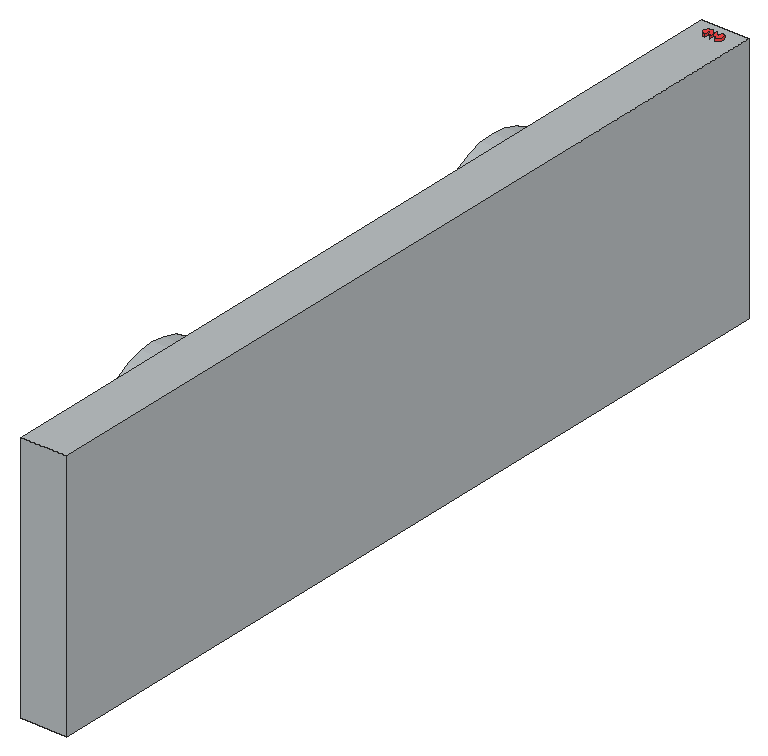
Revit family "NLRS_57_AIR_UN_plenum_linear-ceiling-grill-soooxx-for-srxr_2xD_return_LT_sacs", category Air Terminals, Revit 2021
Family settings
  Round Connector Dimension = Use Diameter
  Part Type = Normal
  Work Plane-Based = No
  Always vertical = Yes
  Cut with Voids When Loaded = No
  Shared = No
  Room Calculation Point = Yes
Parameters (values of type "SOOOxx-special")
  URL = "https://solid-air.nl/producten/solid-air-plafondroosters-star-stbr/"
  Type Comments = "Special plenums for Line grill SR"  # constant formula
  Slots (1-2) [instance] = 1
  SACS_Warning_Text_Size [instance] = if(NLRS_M_c01_diameter - 2 mm > SACS_Diameter, "Requested diameter to big, or plenum length to small", " ")  # " "
  SACS_Type_Mark [instance] = ""
  SACS_Show_Symbol [instance] = yes
  SACS_Show_Arrows [instance] = yes
  SACS_Plenum_Offset [instance] = 17.6 mm + 4.5 mm  # 22.1 mm
  SACS_Plenum_L [instance] = SACS_Length_Y - 12 mm  # 888 mm
  SACS_Plenum_H [instance] = 95 mm + SACS_Diameter + 2 mm + 25 mm + 4.5 mm  # 284.5 mm
  SACS_Plenum_B [instance] = 48.8 mm + (SACS_Index1 - 1 mm) * 43.3  # 48.8 mm
  SACS_Option_4 [instance] = if([Slots (1-2)] < 2, "Single slot", "2 slots")  # "Single slot"
  SACS_Option_3_Value [instance] = if(SACS_Index3 = 4 mm, 5, 2)  # 5
  SACS_Option_3 [instance] = if([Brackets (0-1)] > 0, "B = Plenum bracket B", "O = None")  # "O = None"
  SACS_Option_2 [instance] = if([Plenum_Type (1-2)] < 2, "R = Lined", "U = Plain")  # "R = Lined"
  SACS_Option_1 [instance] = "SOOO"  # constant formula
  SACS_Offset2 [instance] = (SACS_Plenum_L / 4) * SACS_Dummy  # 222 mm
  SACS_Offset1 [instance] = 99.5 mm + (SACS_Diameter / 2) + 4.5 mm  # 183 mm
  SACS_Model_Size [instance] = SACS_Length_Y  # 900 mm
  SACS_Model [instance] = if(or(SACS_Is_Standard_Width, SACS_Existing_Product), size_lookup(SACS_Data_Hidden, "Model", "NB", SACS_Length_STD, SACS_Index1, SACS_Index2, SACS_Index3, NLRS_M_c01_diameter), "SOOO uncoded")  # "SOOORO L=xxxx-1 D=2x160 P=280"
  SACS_Manual_Airflow [instance] = 0.0 L/s
  SACS_Length_Y [instance] = if(NLRS_C_lengte < (NLRS_M_c01_diameter * 2) + 14 mm, (NLRS_M_c01_diameter * 2) + 14 mm, NLRS_C_lengte)  # 900 mm
  SACS_Length_STD [instance] = if(SACS_Is_Standard_Width, SACS_Model_Size, 0 mm)  # 0 mm
  SACS_Is_Standard_Width [instance] = size_lookup(SACS_Data_Hidden, "L_Plenum", -1 mm, SACS_Model_Size, SACS_Index1, SACS_Index2, SACS_Index3, NLRS_M_c01_diameter) > -1 mm  # no
  SACS_Index3 [instance] = if([Brackets (0-1)] < 1, 4, 1) * 1 mm  # 4 mm
  SACS_Index2 [instance] = if([Plenum_Type (1-2)] < 2, 1 mm, 2 mm)  # 1 mm
  SACS_Index1 [instance] = if([Slots (1-2)] < 2, 1 mm, 2 mm)  # 1 mm
  SACS_Existing_Product [instance] = size_lookup(SACS_Data_Hidden, "L_Plenum", -1 mm, 0 mm, SACS_Index1, SACS_Index2, SACS_Index3, NLRS_M_c01_diameter) > -1 mm  # yes
  SACS_Dummy = 1  # constant formula
  SACS_Diameter2 [instance] = SACS_Diameter + 2 mm  # 160 mm
  SACS_Diameter [instance] = NLRS_M_c01_diameter - 2 mm  # 158 mm
  SACS_Data_Hidden = "SOOOxx_2xD"  # constant formula
  SACS_Article_Code [instance] = if(or(SACS_Is_Standard_Width, SACS_Existing_Product), size_lookup(SACS_Data_Hidden, "ArticleCode", "NB", SACS_Length_STD, SACS_Index1, SACS_Index2, SACS_Index3, NLRS_M_c01_diameter), "NB")  # "NB"
  SACS_Array_End [instance] = SACS_Array_Base * SACS_Array_Count * 2  # 600 mm
  SACS_Array_Count [instance] = if(NLRS_C_lengte > 1200 mm, 3, 2)  # 2
  SACS_Array_Base [instance] = NLRS_C_lengte / (SACS_Array_Count + 1) / 2  # 150 mm
  SA-Select [instance] = "https://selectietool.solid-air.nl/Dashboard/CPMDashPage/Show/7"
  Plenum_Type (1-2) [instance] = 1
  Plenum_Material = NLRS_57_sendzimir verzinkt_gen_sacs
  NLRS_M_c02_diameter [instance] = NLRS_M_c01_diameter * SACS_Dummy  # 160 mm
  NLRS_M_c02_debiet [instance] = (SACS_Manual_Airflow / 2) * SACS_Dummy  # 0.0 L/s
  NLRS_M_c01_drukverlies_statisch [instance] = 0.0 Pa
  NLRS_M_c01_diameter [instance] = 160 mm
  NLRS_M_c01_debiet [instance] = (SACS_Manual_Airflow / 2) * SACS_Dummy  # 0.0 L/s
  NLRS_C_model [instance] = SACS_Model  # "SOOORO L=xxxx-1 D=2x160 P=280"
  NLRS_C_lengte [instance] = 900 mm
  NLRS_C_hoogte [instance] = SACS_Plenum_H * SACS_Dummy  # 284.5 mm
  NLRS_C_gtin_code [instance] = if(or(SACS_Is_Standard_Width, SACS_Existing_Product), size_lookup(SACS_Data_Hidden, "GTIN", "NB", SACS_Length_STD, SACS_Index1, SACS_Index2, SACS_Index3, NLRS_M_c01_diameter), "NB")  # "NB"
  NLRS_C_description = Description  # "Solid Air plenum for line Diffuser"
  NLRS_C_content_versie = "2.21.01"  # constant formula
  NLRS_C_content_provider = "Solid Air Climate Solutions"  # constant formula
  NLRS_C_content_datum_gewijzigd = "11-03-2024"  # constant formula
  NLRS_C_content_creator = "J.Feeke"  # constant formula
  NLRS_C_breedte [instance] = (52 mm + (SACS_Index1 - 1 mm) * 43.3) * SACS_Dummy  # 52 mm
  Model = "Special plenums for SR"  # constant formula
  Min Flow = 0.0 L/s
  Max Flow = 0.0 L/s
  Manufacturer = "Solid Air Climate Solutions"  # constant formula
  Description = "Solid Air plenum for line Diffuser"  # constant formula
  Default Elevation = 2700 mm
  Brackets (0-1) [instance] = 0
  Assembly Code = "57.00"
Reference planes
  plane 1 "Center (Front/Back)": y = 0
  plane 2: z = 0
  plane 3 "Center (Left/Right)": x = 0
  plane 4: y = 450
  plane 5: y = -450
  plane 6: y = 444
  plane 7: y = -444
  plane 8: x = -24.4
  plane 9: x = 24.4
  plane 10: x = -26
  plane 11: x = 26
  plane 12: x = -76
  plane 13: x = 76
  plane 14: z = 22.1
  plane 15: z = 183
  plane 16 "Top": z = 284.5
  plane 17: y = -300
  plane 18: y = 300
  plane 19: y = 222
  plane 20: y = -222
Forms (mm)
  Extrusion 1, solid, material "NLRS_57_sendzimir verzinkt_gen_sacs" <- "Plenum_Material", detail levels medium+fine
    sketch origin (0, 0, 0) x (1, 0, 0) y (0, 0, 1)
      loop
        line (-24.4, 284.5) -> (-24.4, 22.1) -> (24.4, 22.1) -> (24.4, 284.5) -> (-24.4, 284.5)
    from -444 to 444
  Extrusion 2, solid, material "NLRS_57_sendzimir verzinkt_gen_sacs" <- "Plenum_Material", detail levels medium+fine
    sketch origin (0, 0, 0) x (0, 1, 0) y (0, 0, 1)
      loop
        circle (-222, 183) r 79
      loop
        circle (222, 183) r 79
    from -64.4 to -24.4
Lines and regions (mm)
  model lines, visible <- "SACS_Show_Symbol", detail levels coarse
    curve 1: line (-26, 450, 0) -> (26, 450, 0)
    curve 2: line (-26, -450, 0) -> (-26, 450, 0)
    curve 3: line (26, -450, 0) -> (-26, -450, 0)
    curve 4: line (26, 450, 0) -> (26, -450, 0)
    curve 5: line (-26, 450, 0) -> (26, -450, 0)
Dimensions and locks
  equal spacing: plane 5, plane 1 "Center (Front/Back)", plane 4
  "SACS_Length_Y": plane 5 to plane 4
  equal spacing: plane 6, plane 1 "Center (Front/Back)", plane 7
  "SACS_Plenum_L": plane 6 to plane 7
  equal spacing: plane 10, plane 3 "Center (Left/Right)", plane 11
  "NLRS_C_breedte": plane 10 to plane 11
  "SACS_Plenum_B": plane 8 to plane 9
  equal spacing: plane 8, plane 3 "Center (Left/Right)", plane 9
  locked: plane 12 to plane 10 at 50
  locked: plane 11 to plane 13 at 50
  "SACS_Plenum_Offset": plane 14 to plane 2
  "SACS_Plenum_H": plane 16 "Top" to plane 2
  "SACS_Offset1": plane 15 to plane 2
  locked: Extrusion 2 to plane 8 at 40
  "SACS_Array_Base": plane 5 to plane 17
  "SACS_Array_End": plane 18 to plane 17
  group 1 to group 2 = 0 mm  (x2)
  group 1 to group 2 = 600 mm
  "SACS_Offset2": plane 6 to plane 19
  "SACS_Offset2": plane 20 to plane 7
  locked: plane 6 to nested 5 at 15
  group 3 to group 4 = 0 mm  (x2)
  group 3 to group 4 = 600 mm
  group 5 to group 6 = 0 mm  (x2)
  group 5 to group 6 = 600 mm
  "SACS_Diameter": diameter of Extrusion 2 sketch curve  (x2)
  aligned and locked: level to plane 2
  aligned and locked: plane 8 to Extrusion 1 sketch curve
  aligned and locked: Extrusion 1 sketch curve to plane 9
  aligned and locked: plane 14 to Extrusion 1 sketch curve
  aligned and locked: Extrusion 1 sketch curve to plane 16 "Top"
  aligned and locked: plane 6 to Extrusion 1
  aligned and locked: Extrusion 1 to plane 7
  aligned and locked: plane 15 to Extrusion 2 sketch curve  (x2)
  aligned and locked: plane 8 to Extrusion 2
  aligned and locked: curve 2 to plane 10
  aligned and locked: plane 4 to curve 1
  aligned and locked: curve 3 to plane 5
  aligned and locked: plane 11 to curve 4
  aligned and locked: plane 3 "Center (Left/Right)" to nested 3
  aligned and locked: nested 3 to plane 17
  aligned and locked: nested 4 to plane 18
  aligned and locked: plane 20 to Extrusion 2 sketch curve
  aligned and locked: plane 19 to Extrusion 2 sketch curve
  aligned and locked: plane 3 "Center (Left/Right)" to nested 5
  aligned and locked: plane 12 to nested 2
  aligned and locked: nested 1 to plane 13
  aligned and locked: nested 1 to plane 17
  aligned and locked: nested 2 to plane 17
  aligned and locked: nested 6 to plane 18
  aligned and locked: plane 12 to nested 6
  aligned and locked: nested 7 to plane 13
  aligned and locked: nested 7 to plane 18
Nested families
  nested 1: "Arrow" at (251, -300, 0) x (-1, 0, 0) z (0, 0, 1), visible <- "SACS_Show_Arrows", type "Arrow"
  nested 2: "Arrow" at (-251, -300, 0), visible <- "SACS_Show_Arrows", type "Arrow"
  nested 3: "bracket" at (0, -300, -4.5), type "bracket"
    with Type_A no, Diameter 160 mm, Bracket 5
  nested 4: "bracket" at (0, 300, -4.5), type "bracket"
    with Type_A no, Diameter 160 mm, Bracket 5
  nested 5: "logo_SACS" at (0, 429, 284.5), type "logo_SACS"
    with t 5 mm
  nested 6: "Arrow" at (-251, 300, 0), visible <- "SACS_Show_Arrows", type "Arrow"
  nested 7: "Arrow" at (251, 300, 0) x (-1, 0, 0) z (0, 0, 1), visible <- "SACS_Show_Arrows", type "Arrow"
Connectors
  hvac at (-24.4, -222, 183), driven by "NLRS_M_c01_diameter", driven by "NLRS_M_c01_debiet"
    settings: on Extrusion 2, index 1, duct flow 0.0 L/s, flow factor 0, pres drop 0.0 Pa, loss coef 0, conn angle 0.00°, conn width 304.8 mm, conn height 304.8 mm, conn diameter 160 mm, duct sys type 1, conn prof type 0, flow config 1, flow direction 1, loss method 4, conn ref index -1, conn util no, is conn primary no, conn desc ""
  hvac at (-24.4, 222, 183), driven by "NLRS_M_c02_debiet", driven by "NLRS_M_c02_diameter"
    settings: on Extrusion 2, index 2, duct flow 0.0 L/s, flow factor 0, pres drop 0.0 Pa, loss coef 0, conn angle 0.00°, conn width 304.8 mm, conn height 304.8 mm, conn diameter 160 mm, duct sys type 1, conn prof type 0, flow config 1, flow direction 1, loss method 4, conn ref index -1, conn util no, is conn primary no, conn desc ""
  hvac at (0, 0, 22.1), driven by "SACS_Plenum_L", driven by "SACS_Plenum_B", driven by "NLRS_M_c01_drukverlies_statisch", driven by "SACS_Manual_Airflow"
    settings: on Extrusion 1, index 3, duct flow 0.0 L/s, flow factor 0, pres drop 0.0 Pa, loss coef 0, conn angle 0.00°, conn width 48.8 mm, conn height 888 mm, conn diameter 609.6 mm, duct sys type 1, conn prof type 1, flow config 1, flow direction 2, loss method 4, conn ref index -1, conn util no, is conn primary yes, conn desc ""
Definition of nested family "logo_SACS"
  Parameters (values of type "logo_SACS")
    t = 2 mm
    Model = "LOD 400"
    Description = "Model type"
    Default Elevation = 1219.2 mm
  Reference planes
    plane 1 "Center (Front/Back)": y = 0
    plane 2: z = 0
    plane 3 "Center (Left/Right)": x = 0
    plane 4: z = 2
    plane 5: x = -4
    plane 6: y = -2
    plane 7: y = 2
    plane 8: x = -2
    plane 9: x = 2
    plane 10: x = 4
  Forms (mm)
    Extrusion 1, solid
      sketch origin (-547.644, -297.937, 0) x (1, 0, 0) y (0, 1, 0)
        loop
          arc (545.644, 299.937) -> (543.644, 297.937) -> (545.644, 295.937) r 2
          line (545.644, 295.937) -> (545.644, 297.937) -> (547.644, 295.937) -> (547.644, 297.937) -> (545.644, 299.937)
      from 0 to 2
    Extrusion 2, solid
      sketch origin (0, 0, 0) x (1, 0, 0) y (0, 1, 0)
        loop
          arc (2, -2) -> (4, 0) -> (2, 2) r 2
          line (2, 2) -> (2, 0) -> (0, 2) -> (0, 0) -> (2, -2)
      from 0 to 2
  Dimensions and locks
    "t": plane 7 to plane 1 "Center (Front/Back)"
    "t": plane 6 to plane 1 "Center (Front/Back)"
    "t": plane 5 to plane 8
    "t": plane 8 to plane 3 "Center (Left/Right)"
    "t": plane 3 "Center (Left/Right)" to plane 9
    "t": plane 9 to plane 10
    aligned and locked: level to plane 2
    aligned and locked: plane 4 to Extrusion 1
  Automatic sketch dimensions
    plane 1 "Center (Front/Back)" to Extrusion 1 sketch curve = 0 mm  (x3)
    Extrusion 1 sketch curve to plane 8 = 0 mm
    Extrusion 1 sketch curve to plane 7 = 0 mm
    Extrusion 1 sketch curve to plane 3 "Center (Left/Right)" = 0 mm
    Extrusion 1 sketch curve to plane 6 = 0 mm
    Extrusion 2 sketch curve to plane 3 "Center (Left/Right)" = 0 mm
    plane 1 "Center (Front/Back)" to Extrusion 2 sketch curve = 0 mm  (x3)
    Extrusion 2 sketch curve to plane 6 = 0 mm
    Extrusion 2 sketch curve to plane 9 = 0 mm
    Extrusion 2 sketch curve to plane 7 = 0 mm
Definition of nested family "Arrow"
  Parameters (values of type "Arrow")
    Offset = 400 mm
    Arrow_Length = 175 mm  # constant formula
  Reference planes
    plane 1 "Center (Front/Back)": y = 0
    plane 2: z = 0
    plane 3 "Center (Left/Right)": x = 0
    plane 4: x = 175
    plane 5: y = 0
    plane 6: x = 175
    plane 7: x = 0
    plane 8: y = 0
  Lines and regions (mm)
    Filled region 1, type "Solid Fill - Black", in view "Ref. Level"
      outline origin (0, 0, 0) x (0, -1, 0) y (1, 0, 0)
        loop
          line (0, 175) -> (-21.131, 129.685) -> (21.131, 129.685) -> (0, 175)
    detail lines, in view "Ref. Level"
      curve 1: line (0, 0, 0) -> (152.343, 0, 0)
  Dimensions and locks
    locked: plane 3 "Center (Left/Right)" to plane 7
    locked: plane 8 to plane 1 "Center (Front/Back)" at 0
    locked: Filled region 1 sketch curve to Filled region 1 sketch curve at 50  (x2)
    "Arrow_Length": plane 3 "Center (Left/Right)" to plane 6
    locked: Filled region 1 sketch curve to curve 1 (angle 25.00°)
    locked: curve 1 to Filled region 1 sketch curve (angle 25.00°)
  Automatic sketch dimensions
    plane 1 "Center (Front/Back)" to Filled region 1 sketch curve = 0 mm
    Filled region 1 sketch curve to plane 4 = 45.315 mm
    plane 1 "Center (Front/Back)" to curve 1 = 0 mm
    curve 1 to plane 3 "Center (Left/Right)" = 0 mm
    curve 1 to plane 4 = 22.657 mm
Definition of nested family "bracket"
  Parameters (values of type "bracket")
    slots = 1
    count = if(slots < 1, 0, (slots - 1)) * Dummy  # 0
    Type_D = Bracket = 4  # no
    Type_CD = or(Type_C, Type_D)  # no
    Type_C = Bracket = 3  # no
    Type_B = Bracket = 2  # no
    Type_A = Bracket = 1  # yes
    Material = none
    Dummy = 1  # constant formula
    Diameter = 125 mm
    Default Elevation = 0 mm
    Ceiling = 5 mm
    Bracket = 1
  Reference planes
    plane 1 "Center (Front/Back)": y = 0
    plane 2: z = 0
    plane 3 "Center (Left/Right)": x = 0
    plane 4: y = 7.5
    plane 5: y = -7.5
  Forms (mm)
    Sweep 1, solid, material <- "Material", visible <- "Type_A", detail levels medium+fine
      path in 3D
        loop
          line (0, 7.5, 32.8) -> (0, -7.5, 32.8)
      profile "Profile_A : Profile_A" origin (0, 0, 32.8) x (0, 0, -1) y (1, 0, 0)
        loop
          line (-17.25, 44.75) -> (-19.25, 44.75) -> (-19.25, 26.85) -> (16.42, 26.85) -> (18.67, 24.6) -> (12.3, 24.6) -> (12.3, 22.6) -> (28.25, 22.6) -> (28.25, 24.6) -> (21.5, 24.6) -> (17.25, 28.85) -> (-17.25, 28.85) -> (-17.25, 44.75)
        loop
          line (-17.25, -44.75) -> (-17.25, -28.85) -> (17.25, -28.85) -> (21.5, -24.6) -> (28.25, -24.6) -> (28.25, -22.6) -> (12.3, -22.6) -> (12.3, -24.6) -> (18.67, -24.6) -> (16.42, -26.85) -> (-19.25, -26.85) -> (-19.25, -44.75) -> (-17.25, -44.75)
    Sweep 2, solid, material <- "Material", visible <- "Type_B", detail levels medium+fine
      path in 3D
        loop
          line (0, 7.5, 32.8) -> (0, -7.5, 32.8)
      profile "Profile_B : Profile_B" origin (0, 0, 32.8) x (0, 0, -1) y (1, 0, 0)
        loop
          line (-216.75, 56.4) -> (-216.75, 24.4) -> (-184.75, 24.4) -> (-184.75, 26.4) -> (-214.75, 26.4) -> (-214.75, 56.4) -> (-216.75, 56.4)
        loop
          line (-216.75, -56.4) -> (-214.75, -56.4) -> (-214.75, -26.4) -> (-184.75, -26.4) -> (-184.75, -24.4) -> (-216.75, -24.4) -> (-216.75, -56.4)
    Sweep 3, solid, material <- "Material", visible <- "Type_CD", detail levels medium+fine
      path in 3D
        loop
          line (0, 7.5, 32.8) -> (0, -7.5, 32.8)
      profile "Profile_CD : Profile_CD" origin (0, 0, 32.8) x (0, 0, -1) y (1, 0, 0)
        loop
          line (-40.7, 25) -> (-40.7, -25) -> (18.3, -30.5) -> (18.3, -28.5) -> (-38.7, -23.55) -> (-38.7, 23.55) -> (18.3, 28.5) -> (18.3, 30.5) -> (-40.7, 25)
        loop
          arc (-25, -8.5) -> (-24.298, -10.428) -> (-22.521, -11.454) r 3
          line (-22.521, -11.454) -> (-2.826, -14.925)
          arc (-2.826, -14.925) -> (-2.234, -15.267) -> (-2, -15.91) r 1
          line (-2, -15.91) -> (-2, -20.5) -> (0, -20.5) -> (0, -15.91)
          arc (0, -15.91) -> (-0.702, -13.982) -> (-2.479, -12.956) r 3
          line (-2.479, -12.956) -> (-22.174, -9.485)
          arc (-22.174, -9.485) -> (-22.766, -9.143) -> (-23, -8.5) r 1
          line (-23, -8.5) -> (-23, 8.5)
          arc (-23, 8.5) -> (-22.766, 9.143) -> (-22.174, 9.485) r 1
          line (-22.174, 9.485) -> (-2.479, 12.956)
          arc (-2.479, 12.956) -> (-0.702, 13.982) -> (0, 15.91) r 3
          line (0, 15.91) -> (0, 20.5) -> (-2, 20.5) -> (-2, 15.91)
          arc (-2, 15.91) -> (-2.234, 15.267) -> (-2.826, 14.925) r 1
          line (-2.826, 14.925) -> (-22.521, 11.454)
          arc (-22.521, 11.454) -> (-24.298, 10.428) -> (-25, 8.5) r 3
          line (-25, 8.5) -> (-25, -8.5)
    Extrusion 4, solid, not visible
      sketch origin (-547.644, -297.937, 0) x (1, 0, 0) y (0, 1, 0)
        loop
          arc (545.644, 299.937) -> (543.644, 297.937) -> (545.644, 295.937) r 2
          line (545.644, 295.937) -> (545.644, 297.937) -> (547.644, 295.937) -> (547.644, 297.937) -> (545.644, 299.937)
      from 0 to 2
    Extrusion 5, solid, not visible
      sketch origin (0, 0, 0) x (1, 0, 0) y (0, 1, 0)
        loop
          arc (2, -2) -> (4, 0) -> (2, 2) r 2
          line (2, 2) -> (2, 0) -> (0, 2) -> (0, 0) -> (2, -2)
      from 0 to 2
  Lines and regions (mm)
    model lines, not visible
      curve 1: line (0, 7.5, 32.8) -> (0, -7.5, 32.8)
    sketch lines
      curve 2: line (0, 7.5, 32.8) -> (0, -7.5, 32.8)
      curve 3: line (0, 7.5, 32.8) -> (0, -7.5, 32.8)
      curve 4: line (0, 7.5, 32.8) -> (0, -7.5, 32.8)
  Dimensions and locks
    equal spacing: plane 5, plane 1 "Center (Front/Back)", plane 4
    locked: plane 4 to plane 5 at 15
    locked: plane 2 to curve 1 at 32.8
    aligned and locked: level to plane 2
    aligned and locked: plane 5 to curve 1
    aligned and locked: plane 4 to curve 1
  Automatic sketch dimensions
    plane 1 "Center (Front/Back)" to Extrusion 4 sketch curve = 0 mm  (x3)
    Extrusion 4 sketch curve to plane 3 "Center (Left/Right)" = 0 mm
    Extrusion 4 sketch curve to plane 3 "Center (Left/Right)" = 2 mm
    Extrusion 4 sketch curve to Extrusion 4 sketch curve = 2 mm  (x2)
    plane 1 "Center (Front/Back)" to Extrusion 5 sketch curve = 0 mm  (x3)
    Extrusion 5 sketch curve to plane 3 "Center (Left/Right)" = 0 mm
    Extrusion 5 sketch curve to Extrusion 5 sketch curve = 2 mm  (x2)
    Extrusion 5 sketch curve to Extrusion 5 sketch curve = 0 mm
